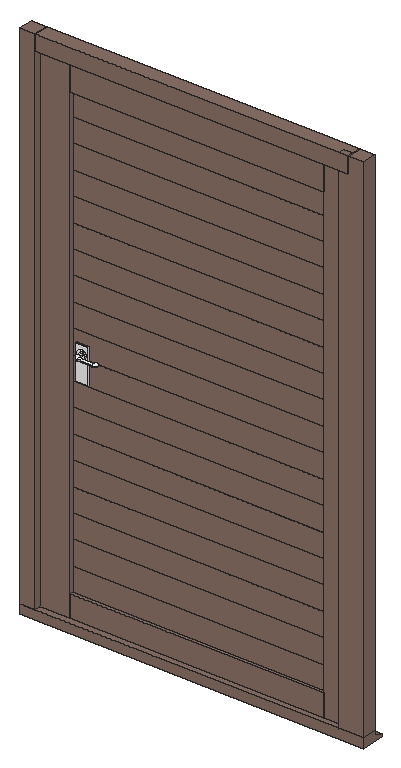
Revit family "DTI-SD30P15", category Doors, host Wall, Revit 2016
Family settings
  Host = Wall
  OmniClass Number = 23.30.10.00
  OmniClass Title = Doors
  Always vertical = Yes
  Cut with Voids When Loaded = No
  Shared = No
  Room Calculation Point = No
Parameters
  URL = "www.swartland.co.za"
  Rough Width = 923 mm
  Rough Height = 2165 mm
  Model = "DIFSD30P/1.5"
  Manufacturer = "Swartland Doors & Windows"
  Function = Exterior
  Frame Width = 74 mm
  Height = Door Height + Frame Width + Cill Height  # 2518 mm
  Wall Closure = By host
  Width = Door Width + (Frame Width * 2)  # 1648 mm
  Frame Depth = 70 mm
  Door Width = 1500 mm
  Door Material = Meranti
  Door Height = 2400 mm
  Door Frame Material = Meranti
  Description = "Pivot Door in Frame - DIFSD30P/1.5"
  Cill Height = 44 mm
  Assembly Code = ""
Reference planes
  plane 1 "Centre (Front/Back)": y = 0
  plane 2 "Center (Left/Right)": x = 0
  plane 3 "Left": x = -824
  plane 4 "Right": x = 824
  plane 5: z = 2518
  plane 6 "Exterior": y = 75
  plane 7 "Interior": y = -75
  plane 8: y = -35
  plane 9 "Frame exterior": y = 35
  plane 10: z = 2444
  plane 11: x = 750
  plane 12: x = -750
  plane 13 "Cill Level": z = 44
  plane 14 "Centre of door": y = 17.751
Forms (mm)
  Extrusion 1, solid, material "Meranti" <- "Door Frame Material"
    sketch origin (0, 0, 44) x (1, 0, 0) y (0, 1, 0)
      loop
        line (-824, 35) -> (-824, -35) -> (-750, -35) -> (-750, 35) -> (-824, 35)
    from 0 to 2474 <- "Height"
  Extrusion 2, solid, material "Meranti" <- "Door Frame Material"
    sketch origin (0, 0, 44) x (-1, 0, 0) y (0, -1, 0)
      loop
        line (-824, -35) -> (-750, -35) -> (-750, 5) -> (-705, 5) -> (-705, 35) -> (-824, 35) -> (-824, -35)
    from 0 to 2474 <- "Height"
  Extrusion 3, solid, material "Meranti" <- "Door Frame Material"
    sketch origin (0, 0, 0) x (0, 1, 0) y (0, 0, 1)
      loop
        line (-35, 44) -> (-35, 0) -> (75, 0) -> (75, 15) -> (35, 25.321) -> (35, 44) -> (-35, 44)
    from -824 to 824
  Extrusion 4, solid, material "Meranti"
    sketch origin (0, 0, 0) x (0, 1, 0) y (0, 0, 1)
      loop
        line (35, 2518) -> (-35, 2518) -> (-35, 2444) -> (-5, 2444) -> (35, 2444) -> (35, 2518)
    from 750 to -750
  Extrusion 5, solid, material "Meranti" <- "Door Material"
    sketch origin (0, 35, 0) x (0, 0, -1) y (-1, 0, 0)
      loop
        line (-44, -750) -> (-44, -610) -> (-2444, -610) -> (-2444, -750) -> (-44, -750)
    from -40 to 0
  Extrusion 6, solid, material "Meranti" <- "Door Material"
    sketch origin (0, 35, 0) x (0, 0, -1) y (-1, 0, 0)
      loop
        line (-44, 750) -> (-2444, 750) -> (-2444, 610) -> (-44, 610) -> (-44, 750)
    from -40 to 0
  Extrusion 7, solid, material "Meranti"
    sketch origin (0, 35, 0) x (0, 0, -1) y (-1, 0, 0)
      loop
        line (-2304, -610) -> (-2304, 610) -> (-2444, 610) -> (-2444, -610) -> (-2304, -610)
    from 0 to -40
  Extrusion 8, solid, material "Meranti"
    sketch origin (0, 35, 0) x (0, 0, -1) y (-1, 0, 0)
      loop
        line (-149, -610) -> (-44, -610) -> (-44, 610) -> (-149, 610) -> (-149, -610)
    from 0 to -40
  Sweep 9, solid, material "Meranti"
    path origin (0, 17.751, 0) x (0, 0, 1) y (1, 0, 0)
      loop
        line (258.842, 610) -> (258.842, -610)
    profile "Panelled door T&G profile : Panelled door T&G profile" origin (0, 17.751, 258.842) x (0, 0, 1) y (0, 1, 0)
      loop
        line (117, 0) -> (117, 3) -> (115, 5) -> (0, 5) -> (0, 0) -> (0, -5) -> (115, -5) -> (117, -3) -> (117, 0)
  Sweep 10, solid, material "Meranti"
    path origin (0, 17.751, 0) x (0, 0, 1) y (1, 0, 0)
      loop
        line (372.263, 610) -> (372.263, -610)
    profile "Panelled door T&G profile : Panelled door T&G profile" origin (0, 17.751, 372.263) x (0, 0, 1) y (0, 1, 0)
      loop
        line (117, 0) -> (117, 3) -> (115, 5) -> (0, 5) -> (0, 0) -> (0, -5) -> (115, -5) -> (117, -3) -> (117, 0)
  Sweep 11, solid, material "Meranti"
    path origin (0, 17.751, 0) x (0, 0, 1) y (1, 0, 0)
      loop
        line (485.684, 610) -> (485.684, -610)
    profile "Panelled door T&G profile : Panelled door T&G profile" origin (0, 17.751, 485.684) x (0, 0, 1) y (0, 1, 0)
      loop
        line (117, 0) -> (117, 3) -> (115, 5) -> (0, 5) -> (0, 0) -> (0, -5) -> (115, -5) -> (117, -3) -> (117, 0)
  Sweep 12, solid, material "Meranti"
    path origin (0, 17.751, 0) x (0, 0, 1) y (1, 0, 0)
      loop
        line (599.105, 610) -> (599.105, -610)
    profile "Panelled door T&G profile : Panelled door T&G profile" origin (0, 17.751, 599.105) x (0, 0, 1) y (0, 1, 0)
      loop
        line (117, 0) -> (117, 3) -> (115, 5) -> (0, 5) -> (0, 0) -> (0, -5) -> (115, -5) -> (117, -3) -> (117, 0)
  Sweep 13, solid, material "Meranti"
    path origin (0, 17.751, 0) x (0, 0, 1) y (1, 0, 0)
      loop
        line (712.526, 610) -> (712.526, -610)
    profile "Panelled door T&G profile : Panelled door T&G profile" origin (0, 17.751, 712.526) x (0, 0, 1) y (0, 1, 0)
      loop
        line (117, 0) -> (117, 3) -> (115, 5) -> (0, 5) -> (0, 0) -> (0, -5) -> (115, -5) -> (117, -3) -> (117, 0)
  Sweep 14, solid, material "Meranti"
    path origin (0, 17.751, 0) x (0, 0, 1) y (1, 0, 0)
      loop
        line (825.947, 610) -> (825.947, -610)
    profile "Panelled door T&G profile : Panelled door T&G profile" origin (0, 17.751, 825.947) x (0, 0, 1) y (0, 1, 0)
      loop
        line (117, 0) -> (117, 3) -> (115, 5) -> (0, 5) -> (0, 0) -> (0, -5) -> (115, -5) -> (117, -3) -> (117, 0)
  Sweep 15, solid, material "Meranti"
    path origin (0, 17.751, 0) x (0, 0, 1) y (1, 0, 0)
      loop
        line (939.368, 610) -> (939.368, -610)
    profile "Panelled door T&G profile : Panelled door T&G profile" origin (0, 17.751, 939.368) x (0, 0, 1) y (0, 1, 0)
      loop
        line (117, 0) -> (117, 3) -> (115, 5) -> (0, 5) -> (0, 0) -> (0, -5) -> (115, -5) -> (117, -3) -> (117, 0)
  Sweep 16, solid, material "Meranti"
    path origin (0, 17.751, 0) x (0, 0, 1) y (1, 0, 0)
      loop
        line (1052.789, 610) -> (1052.789, -610)
    profile "Panelled door T&G profile : Panelled door T&G profile" origin (0, 17.751, 1052.789) x (0, 0, 1) y (0, 1, 0)
      loop
        line (117, 0) -> (117, 3) -> (115, 5) -> (0, 5) -> (0, 0) -> (0, -5) -> (115, -5) -> (117, -3) -> (117, 0)
  Sweep 17, solid, material "Meranti"
    path origin (0, 17.751, 0) x (0, 0, 1) y (1, 0, 0)
      loop
        line (1166.211, 610) -> (1166.211, -610)
    profile "Panelled door T&G profile : Panelled door T&G profile" origin (0, 17.751, 1166.211) x (0, 0, 1) y (0, 1, 0)
      loop
        line (117, 0) -> (117, 3) -> (115, 5) -> (0, 5) -> (0, 0) -> (0, -5) -> (115, -5) -> (117, -3) -> (117, 0)
  Sweep 18, solid, material "Meranti"
    path origin (0, 17.751, 0) x (0, 0, 1) y (1, 0, 0)
      loop
        line (1279.632, 610) -> (1279.632, -610)
    profile "Panelled door T&G profile : Panelled door T&G profile" origin (0, 17.751, 1279.632) x (0, 0, 1) y (0, 1, 0)
      loop
        line (117, 0) -> (117, 3) -> (115, 5) -> (0, 5) -> (0, 0) -> (0, -5) -> (115, -5) -> (117, -3) -> (117, 0)
  Sweep 19, solid, material "Meranti"
    path origin (0, 17.751, 0) x (0, 0, 1) y (1, 0, 0)
      loop
        line (1393.053, 610) -> (1393.053, -610)
    profile "Panelled door T&G profile : Panelled door T&G profile" origin (0, 17.751, 1393.053) x (0, 0, 1) y (0, 1, 0)
      loop
        line (117, 0) -> (117, 3) -> (115, 5) -> (0, 5) -> (0, 0) -> (0, -5) -> (115, -5) -> (117, -3) -> (117, 0)
  Sweep 20, solid, material "Meranti"
    path origin (0, 17.751, 0) x (0, 0, 1) y (1, 0, 0)
      loop
        line (1506.474, 610) -> (1506.474, -610)
    profile "Panelled door T&G profile : Panelled door T&G profile" origin (0, 17.751, 1506.474) x (0, 0, 1) y (0, 1, 0)
      loop
        line (117, 0) -> (117, 3) -> (115, 5) -> (0, 5) -> (0, 0) -> (0, -5) -> (115, -5) -> (117, -3) -> (117, 0)
  Sweep 21, solid, material "Meranti"
    path origin (0, 17.751, 0) x (0, 0, 1) y (1, 0, 0)
      loop
        line (1619.895, 610) -> (1619.895, -610)
    profile "Panelled door T&G profile : Panelled door T&G profile" origin (0, 17.751, 1619.895) x (0, 0, 1) y (0, 1, 0)
      loop
        line (117, 0) -> (117, 3) -> (115, 5) -> (0, 5) -> (0, 0) -> (0, -5) -> (115, -5) -> (117, -3) -> (117, 0)
  Sweep 22, solid, material "Meranti"
    path origin (0, 17.751, 0) x (0, 0, 1) y (1, 0, 0)
      loop
        line (1733.316, 610) -> (1733.316, -610)
    profile "Panelled door T&G profile : Panelled door T&G profile" origin (0, 17.751, 1733.316) x (0, 0, 1) y (0, 1, 0)
      loop
        line (117, 0) -> (117, 3) -> (115, 5) -> (0, 5) -> (0, 0) -> (0, -5) -> (115, -5) -> (117, -3) -> (117, 0)
  Sweep 23, solid, material "Meranti"
    path origin (0, 17.751, 0) x (0, 0, 1) y (1, 0, 0)
      loop
        line (1846.737, 610) -> (1846.737, -610)
    profile "Panelled door T&G profile : Panelled door T&G profile" origin (0, 17.751, 1846.737) x (0, 0, 1) y (0, 1, 0)
      loop
        line (117, 0) -> (117, 3) -> (115, 5) -> (0, 5) -> (0, 0) -> (0, -5) -> (115, -5) -> (117, -3) -> (117, 0)
  Sweep 24, solid, material "Meranti"
    path origin (0, 17.751, 0) x (0, 0, 1) y (1, 0, 0)
      loop
        line (1960.158, 610) -> (1960.158, -610)
    profile "Panelled door T&G profile : Panelled door T&G profile" origin (0, 17.751, 1960.158) x (0, 0, 1) y (0, 1, 0)
      loop
        line (117, 0) -> (117, 3) -> (115, 5) -> (0, 5) -> (0, 0) -> (0, -5) -> (115, -5) -> (117, -3) -> (117, 0)
  Sweep 25, solid, material "Meranti"
    path origin (0, 17.751, 0) x (0, 0, 1) y (1, 0, 0)
      loop
        line (2073.579, 610) -> (2073.579, -610)
    profile "Panelled door T&G profile : Panelled door T&G profile" origin (0, 17.751, 2073.579) x (0, 0, 1) y (0, 1, 0)
      loop
        line (117, 0) -> (117, 3) -> (115, 5) -> (0, 5) -> (0, 0) -> (0, -5) -> (115, -5) -> (117, -3) -> (117, 0)
  Sweep 26, solid, material "Meranti"
    path origin (0, 17.751, 0) x (0, 0, 1) y (1, 0, 0)
      loop
        line (2187, 610) -> (2187, -610)
    profile "Panelled door T&G profile : Panelled door T&G profile" origin (0, 17.751, 2187) x (0, 0, 1) y (0, 1, 0)
      loop
        line (117, 0) -> (117, 3) -> (115, 5) -> (0, 5) -> (0, 0) -> (0, -5) -> (115, -5) -> (117, -3) -> (117, 0)
  Sweep 27, solid, material "Meranti"
    path origin (0, 17.751, 0) x (0, 0, 1) y (1, 0, 0)
      loop
        line (143.907, 610) -> (143.907, -610)
    profile "Panelled door T&G profile : Panelled door T&G profile" origin (0, 17.751, 143.907) x (0, 0, 1) y (0, 1, 0)
      loop
        line (117, 0) -> (117, 3) -> (115, 5) -> (0, 5) -> (0, 0) -> (0, -5) -> (115, -5) -> (117, -3) -> (117, 0)
Lines and regions (mm)
  Opening 1
    outline origin (-3050, -75, 0) x (1, 0, 0) y (0, 0, 1)
      loop
        line (2226, 0) -> (3874, 0) -> (3874, 2518) -> (2226, 2518) -> (2226, 0)
  symbolic lines, style "Elevation Swing"
    curve 1: line (750, 75, 44) -> (-750, 75, 1056.513)
    curve 2: line (-750, 75, 1056.513) -> (750, 75, 2444)
  symbolic lines
    curve 3: line (750, -35, 0) -> (750, -1535, 0)
    curve 4: arc (750, -1535, 0) -> (-310.66, -1095.66, 0) -> (-750, -35, 0) r 1500
Text (mm)
  text "Exterior" at (-2295.016, 1099.543, 0), in view "Ref. Level"
  text "Exterior" at (0, 1615.38, 3698.081), in view "Left"
  text "Exterior" at (0, 1036.032, 3874.932), in view "Right"
Dimensions and locks
  equal spacing: plane 3 "Left", plane 2 "Center (Left/Right)", plane 4 "Right"
  plane 3 "Left" to plane 4 "Right" = 1648 mm
  locked: plane 6 "Exterior" to host wall at 0
  locked: plane 7 "Interior" to host wall
  equal spacing: plane 9 "Frame exterior", plane 1 "Centre (Front/Back)", plane 8
  "Frame Depth": plane 9 "Frame exterior" to plane 8
  "Frame Width": plane 10 to plane 5
  "Door Width": plane 12 to plane 11
  plane 9 "Frame exterior" to plane 8 = 70 mm  (x2)
  "Door Height": plane 13 "Cill Level" to plane 10
  "Cill Height": level to plane 13 "Cill Level"
  "Frame Width": plane 11 to plane 4 "Right"
  "Frame Width": plane 3 "Left" to plane 12
  plane 3 "Left" to plane 12 = 74 mm
  level to Extrusion 3 = 44 mm
  aligned and locked: plane 3 "Left" to Opening 1 sketch curve
  aligned and locked: plane 5 to Opening 1 sketch curve  (x2)
  aligned and locked: Opening 1 sketch curve to plane 4 "Right"
  aligned and locked: Opening 1 sketch curve to level
  aligned and locked: plane 1 "Centre (Front/Back)" to host wall
  aligned: Extrusion 2 to level
  aligned: Extrusion 1 to level
  aligned: plane 12 to Extrusion 3
  aligned: Extrusion 3 to plane 11
  aligned and locked: Extrusion 3 to host wall  (x2)
  aligned and locked: Extrusion 2 to plane 13 "Cill Level"
  aligned and locked: Extrusion 1 to plane 13 "Cill Level"
  aligned and locked: Extrusion 2 to host wall
  aligned and locked: Extrusion 1 to host wall
  aligned and locked: Extrusion 4 to plane 11
  aligned and locked: plane 12 to Extrusion 4
  aligned and locked: Extrusion 5 to Extrusion 7
  aligned and locked: Extrusion 5 to plane 11
  aligned and locked: plane 12 to Extrusion 6
Automatic sketch dimensions
  Extrusion 1 sketch curve to plane 3 "Left" = 0 mm
  Extrusion 1 sketch curve to plane 9 "Frame exterior" = 0 mm
  Extrusion 1 sketch curve to plane 12 = 0 mm
  Extrusion 1 sketch curve to plane 8 = 0 mm
  Extrusion 2 sketch curve to plane 4 "Right" = 0 mm
  Extrusion 2 sketch curve to plane 9 "Frame exterior" = 0 mm
  Extrusion 2 sketch curve to plane 11 = 0 mm
  Extrusion 2 sketch curve to plane 8 = 0 mm
  Extrusion 2 sketch curve to host wall = 5 mm
  Extrusion 2 sketch curve to Extrusion 2 sketch curve = 45 mm
  Extrusion 3 sketch curve to level = 0 mm
  Extrusion 3 sketch curve to plane 8 = 0 mm
  Extrusion 3 sketch curve to plane 9 "Frame exterior" = 0 mm
  Extrusion 3 sketch curve to host wall = 0 mm
  Extrusion 3 sketch curve to plane 13 "Cill Level" = 0 mm
  level to Extrusion 3 sketch curve = 15 mm
  Extrusion 3 sketch curve to Extrusion 3 sketch curve = 18.679 mm
  plane 5 to Extrusion 4 sketch curve = 0 mm
  Extrusion 4 sketch curve to plane 8 = 0 mm
  plane 10 to Extrusion 4 sketch curve = 0 mm  (x2)
  Extrusion 4 sketch curve to plane 9 "Frame exterior" = 0 mm
  host wall to Extrusion 4 sketch curve = 5 mm
  Extrusion 4 sketch curve to Extrusion 4 sketch curve = 0 mm
  Extrusion 5 sketch curve to plane 10 = 0 mm
  plane 11 to Extrusion 5 sketch curve = 0 mm
  Extrusion 5 sketch curve to plane 13 "Cill Level" = 0 mm
  Extrusion 5 sketch curve to Extrusion 5 sketch curve = 140 mm
  Extrusion 6 sketch curve to plane 10 = 0 mm
  plane 12 to Extrusion 6 sketch curve = 0 mm
  Extrusion 6 sketch curve to plane 13 "Cill Level" = 0 mm
  Extrusion 6 sketch curve to plane 12 = 140 mm
  curve 2 to plane 10 = 0 mm
  plane 11 to curve 2 = 0 mm
  plane 11 to curve 1 = 0 mm
  curve 1 to plane 13 "Cill Level" = 0 mm
  plane 13 "Cill Level" to curve 2 = 1012.513 mm
  curve 4 to plane 8 = 0 mm
  curve 4 to plane 12 = 0 mm
  curve 4 to plane 11 = 0 mm
  curve 3 to plane 8 = 0 mm
  Extrusion 7 sketch curve to plane 10 = 0 mm
  plane 10 to Extrusion 7 sketch curve = 140 mm
  plane 11 to Extrusion 7 sketch curve = 140 mm
  Extrusion 7 sketch curve to plane 12 = 140 mm
  Extrusion 8 sketch curve to plane 13 "Cill Level" = 0 mm
  Extrusion 8 sketch curve to Extrusion 8 sketch curve = 105 mm
  plane 11 to Extrusion 8 sketch curve = 140 mm
  Extrusion 8 sketch curve to plane 12 = 140 mm
  plane 13 "Cill Level" to Sweep 9 sketch curve = 214.842 mm
  Sweep 9 sketch curve to plane 12 = 140 mm
  plane 11 to Sweep 9 sketch curve = 140 mm
  Sweep 10 sketch curve to plane 12 = 140 mm
  plane 13 "Cill Level" to Sweep 10 sketch curve = 328.263 mm
  plane 11 to Sweep 10 sketch curve = 140 mm
  Sweep 11 sketch curve to plane 12 = 140 mm
  plane 13 "Cill Level" to Sweep 11 sketch curve = 441.684 mm
  plane 11 to Sweep 11 sketch curve = 140 mm
  Sweep 12 sketch curve to plane 12 = 140 mm
  plane 13 "Cill Level" to Sweep 12 sketch curve = 555.105 mm
  plane 11 to Sweep 12 sketch curve = 140 mm
  Sweep 13 sketch curve to plane 12 = 140 mm
  plane 13 "Cill Level" to Sweep 13 sketch curve = 668.526 mm
  plane 11 to Sweep 13 sketch curve = 140 mm
  Sweep 14 sketch curve to plane 12 = 140 mm
  plane 13 "Cill Level" to Sweep 14 sketch curve = 781.947 mm
  plane 11 to Sweep 14 sketch curve = 140 mm
  Sweep 15 sketch curve to plane 12 = 140 mm
  plane 13 "Cill Level" to Sweep 15 sketch curve = 895.368 mm
  plane 11 to Sweep 15 sketch curve = 140 mm
  Sweep 16 sketch curve to plane 12 = 140 mm
  plane 13 "Cill Level" to Sweep 16 sketch curve = 1008.789 mm
  plane 11 to Sweep 16 sketch curve = 140 mm
  Sweep 17 sketch curve to plane 12 = 140 mm
  plane 13 "Cill Level" to Sweep 17 sketch curve = 1122.211 mm
  plane 11 to Sweep 17 sketch curve = 140 mm
  Sweep 18 sketch curve to plane 12 = 140 mm
  plane 10 to Sweep 18 sketch curve = 1164.368 mm
  plane 11 to Sweep 18 sketch curve = 140 mm
  Sweep 19 sketch curve to plane 12 = 140 mm
  plane 10 to Sweep 19 sketch curve = 1050.947 mm
  plane 11 to Sweep 19 sketch curve = 140 mm
  Sweep 20 sketch curve to plane 12 = 140 mm
  plane 10 to Sweep 20 sketch curve = 937.526 mm
  plane 11 to Sweep 20 sketch curve = 140 mm
  Sweep 21 sketch curve to plane 12 = 140 mm
  plane 10 to Sweep 21 sketch curve = 824.105 mm
  plane 11 to Sweep 21 sketch curve = 140 mm
  Sweep 22 sketch curve to plane 12 = 140 mm
  plane 10 to Sweep 22 sketch curve = 710.684 mm
  plane 11 to Sweep 22 sketch curve = 140 mm
  Sweep 23 sketch curve to plane 12 = 140 mm
  plane 10 to Sweep 23 sketch curve = 597.263 mm
  plane 11 to Sweep 23 sketch curve = 140 mm
  Sweep 24 sketch curve to plane 12 = 140 mm
  plane 10 to Sweep 24 sketch curve = 483.842 mm
  plane 11 to Sweep 24 sketch curve = 140 mm
  Sweep 25 sketch curve to plane 12 = 140 mm
  plane 10 to Sweep 25 sketch curve = 370.421 mm
  plane 11 to Sweep 25 sketch curve = 140 mm
  plane 10 to Sweep 26 sketch curve = 257 mm
  Sweep 26 sketch curve to plane 12 = 140 mm
  plane 11 to Sweep 26 sketch curve = 140 mm
  plane 13 "Cill Level" to Sweep 27 sketch curve = 99.907 mm
  Sweep 27 sketch curve to plane 12 = 140 mm
  plane 11 to Sweep 27 sketch curve = 140 mm
  plane 12 to curve 1 = 0 mm
Nested families
  nested 1: "Handle Domestic (1)" at (-611.735, -5, 1200), type "Handle Domestic (1)"
  nested 2: "Handle Domestic (1)" at (-611.355, 35, 1200), type "Handle Domestic (1)"
Definition of nested family "Handle Domestic (1)"
  Parameters
    Manufacturer = "Revit"
    Material Ironmongery = none
    Handle Z Distance = 0 mm
    Handle X Distance = 65 mm
    Function = (empty or 0)
  Reference planes
    plane 1 "Center (Front/Back)": y = 0
    plane 2: z = 0
    plane 3 "Center (Left/Right)": x = 0
    plane 4: z = 0
    plane 5: x = 65
  Forms (mm)
    Extrusion 1, solid, material <- "Material Ironmongery", detail levels medium+fine
      sketch origin (0, 0, 0) x (1, 0, 0) y (0, 0, 1)
        loop
          line (35, 40) -> (35, -125) -> (95, -125) -> (95, 40) -> (35, 40)
      from 0 to -6
    Sweep 2, solid, material <- "Material Ironmongery", detail levels medium+fine
      path origin (0, 0, 0) x (0, -1, 0) y (1, 0, 0)
        loop
          line (-10.593, 65) -> (-26, 65)
          arc (-26, 65) -> (-36.607, 69.393) -> (-41, 80) r 15
          line (-41, 80) -> (-41, 152)
          arc (-41, 152) -> (-38.657, 157.657) -> (-33, 160) r 8
      profile origin (0, 18.296, 0) x (-1, 0, 0) y (0, 0, 1)
        loop
          circle (-65, 0) r 7
    Extrusion 3, solid, material <- "Material Ironmongery", detail levels medium+fine
      sketch origin (0, 0, 0) x (1, 0, 0) y (0, 0, 1)
        loop
          circle (65, 0) r 20
      from -6 to -10.593
  Dimensions and locks
    "Handle Z Distance": plane 4 to level
    "Handle X Distance": plane 5 to plane 3 "Center (Left/Right)"
    aligned and locked: Extrusion 1 to Extrusion 3
    aligned and locked: Extrusion 3 to Sweep 2 sketch curve
  Automatic sketch dimensions
    Sweep 2 sketch curve to plane 4 = 0 mm
    Sweep 2 sketch curve to profile plane = 0 mm
    Extrusion 3 sketch curve to plane 4 = 0 mm
    Extrusion 3 sketch curve to plane 5 = 0 mm
    Sweep 2 sketch curve to plane 5 = 0 mm
    Sweep 2 sketch curve to plane 1 "Center (Front/Back)" = 41 mm
    Sweep 2 sketch curve to Sweep 2 sketch curve = 8 mm
    Sweep 2 sketch curve to Sweep 2 sketch curve = 15 mm
    Sweep 2 sketch curve to Sweep 2 sketch curve = 72 mm
    plane 5 to Extrusion 1 sketch curve = 30 mm
    Extrusion 1 sketch curve to plane 5 = 30 mm
    plane 4 to Extrusion 1 sketch curve = 125 mm
    Extrusion 1 sketch curve to plane 4 = 40 mm
    radius of Sweep 2 sketch curve = 7 mm
    radius of Extrusion 3 sketch curve = 20 mm
